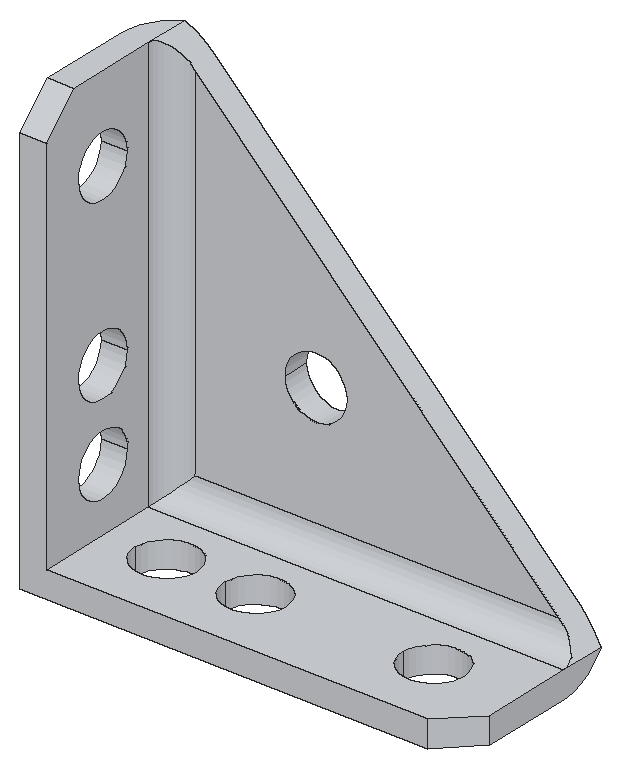
Revit family "Fitting-Ninety_Degree_Angle-Unistrut-P2484", category Specialty Equipment, Revit 2012
Parameters
  ecoScorecard_data = "http://products.ecoscorecard.com/atkore/P2484"
  ecoScorecard Product Page = "http://products.ecoscorecard.com/atkore/P2484?action=html"
  Weight Per Piece = 1.34 lbf
  Unit = none
  Unistrut Part Number = "P2484"  # constant formula
  URL = "http://unistrut.us/index.php"
  Thickness = 1/4"
  Subcategory = "Nintey Degree Angle Fittings"
  Product Page URL = "http://unistrut.us/index.php?WP=cat_detail&S=S05&P=P2484"
  Part Type = "Fitting"  # constant formula
  Overall Width = 1 5/8"
  Overall Length = 4"
  Overall Height = 4"
  Model = "P2484"
  Material = ""
  Manufacturer Phone - Toll Free = "800-882-5543"  # constant formula
  Manufacturer Phone = "708-339-1610"  # constant formula
  Manufacturer Fax = "708-339-7814"  # constant formula
  Manufacturer Email = "mailto:jshaw@atkore.com"
  Manufacturer Address = "16100 South Lathrop Avenue, Harvey, IL 60426"  # constant formula
  Manufacturer = "Unistrut by Atkore International"  # constant formula
  Load Capacity Note = "Visit the product page for load application and capacity."  # constant formula
  Literature URL = "http://unistrut.us/index.php?WP=LItLibrary"
  Hole Radius = Hole Diameter / 2  # 9/32"
  Hole Diameter = 9/16"
  Default Elevation = 0"
  Cost Info = "mailto:jshaw@atkore.com"
  Category = "Specialty Equipment"  # constant formula
  CAD URL = "http://unistrut.us/index.php?WP=CAD3d"
  Assembly Code = "D5020100"
  95 CSI = "16070"  # constant formula
  04 CSI = "26 05 48"  # constant formula
Reference planes (in)
  plane 1 "Center (Front/Back)": y = 0
  plane 2: z = 0
  plane 3 "Center (Left/Right)": x = 0
  plane 4: x = -0.39184
  plane 5: x = -1.20043
  plane 6: x = 1.21865
  plane 7: z = 3.22821
  plane 8: z = 1.61327
  plane 9: z = 0.80752
  plane 10: x = -0.43886
  plane 11: z = 1.56891
Dimensions and locks (in)
  "Overall Height": nested 1 to plane 2
  "Overall Length": nested 1 to nested 1
  "Overall Width": nested 1 to nested 1
  aligned and locked: level to plane 2
Nested families (in)
  nested 1: "Fitting" at (0, 0.99689, 0) x (-1, 0, 0) z (0, 0, 1), type "Fitting"
Definition of nested family "Fitting"
  Parameters (values of type "Fitting")
    ecoScorecard_data = "http://products.ecoscorecard.com/atkore/P2094"
    ecoScorecard Product Page = "http://products.ecoscorecard.com/atkore/P2094?action=html"
    Unit = none
    URL = "http://unistrut.us/index.php"
    Thickness = 1/4"
    Overall Width = 1 5/8"
    Overall Length = 4"
    Overall Height = 4"
    Model = "P2270"
    Material = ""
    Manufacturer = "Atkore International"  # constant formula
    Load Capacity Note = "Visit the product page for load application and capacity."  # constant formula
    Literature URL = "http://unistrut.us/index.php?WP=LItLibrary"
    Hole Radius = Hole Diameter / 2  # 9/32"
    Hole Diameter = 9/16"
    Default Elevation = 48"
    CAD URL = "http://unistrut.us/index.php?WP=CAD3d"
    Assembly Code = "D5020100"
    Angle = 85.50°
  Reference planes (in)
    plane 1 "Center (Front/Back)": y = 0
    plane 2: z = 0
    plane 3 "Center (Left/Right)": x = 0
  Forms (in)
    Sweep 1, solid, material <- "Unit"
      path origin (0, 0, 0) x (1, 0, 0) y (0, 0, 1)
        loop
          line (-1.99213, 0) -> (2.00787, 0) -> (2.00787, 4)
      profile origin (2.00787, 0, 2) x (-1, 0, 0) y (0, -1, 0)
        loop
          arc (0.23622, -0.47244) -> (0.30541, -0.30541) -> (0.47244, -0.23622) r 0.23622
          line (0.47244, -0.23622) -> (0.47244, 0)
          arc (0.47244, 0) -> (0.13837, -0.13837) -> (0, -0.47244) r 0.47244
          line (0, -0.47244) -> (0, -1.625) -> (0.23622, -1.625) -> (0.23622, -0.47244)
    Extrusion 2, void
      sketch origin (0, 0, 0) x (1, 0, 0) y (0, 0, 1)
        loop
          line (-2.07037, 0.15797) -> (1.81865, 4.047) -> (-2.07037, 4.047) -> (-2.07037, 0.15797)
      from -3.69992 to 1.36887
    Extrusion 3, void
      sketch origin (0, 0, 0) x (1, 0, 0) y (0, 1, 0)
        loop
          line (-2.00787, 1.29921) -> (-1.45669, 1.85039) -> (-2.00787, 1.85039) -> (-2.00787, 1.29921)
      from 0 to 0.23622
    Extrusion 4, void
      sketch origin (0, 0, 0) x (1, 0, 0) y (0, 1, 0)
        loop
          circle (-1.21865, 0.98172) r 0.28125
        loop
          circle (0.39184, 0.98172) r 0.28125
        loop
          circle (1.20043, 0.98172) r 0.28125
      from -0.21768 to 0.47244
    Extrusion 5, void
      sketch origin (0, 0, 0) x (0, 1, 0) y (0, 0, 1)
        loop
          line (1.29921, 4.01575) -> (1.85039, 3.46457) -> (1.85039, 4.01575) -> (1.29921, 4.01575)
        loop
          circle (0.98859, 3.22821) r 0.28125
        loop
          circle (0.98859, 1.61327) r 0.28125
        loop
          circle (0.98468, 0.80752) r 0.28125
      from 1.60464 to 2.27318
    Extrusion 6, solid, material <- "Unit"
      sketch origin (0, 0, 0) x (1, 0, 0) y (0, 0, 1)
        loop
          line (1.53543, 0.47244) -> (1.53543, 3.76378) -> (-1.75591, 0.47244) -> (1.53543, 0.47244)
        loop
          circle (0.43886, 1.56891) r 0.28125
      from -0.23622 to 0
  Cuts and joins
    Extrusion 2, Extrusion 3, Extrusion 4, Extrusion 5 cuts Sweep 1
    joined: Sweep 1, Extrusion 6
  Dimensions and locks (in)
    plane 2 to Sweep 1 sketch curve = 4"
    Sweep 1 sketch curve to Sweep 1 sketch curve = 4"
    plane 1 "Center (Front/Back)" to cut or joined group of Sweep 1, Extrusion 2, Extrusion 3, Extrusion 4, Extrusion 5, Extrusion 6 = 1 5/8"
    plane 1 "Center (Front/Back)" to Sweep 1 sketch curve = 1 5/8"
    "Hole Radius": radius of Extrusion 4 sketch curve  (x3)
    "Hole Radius": radius of Extrusion 5 sketch curve  (x3)
    "Hole Radius": radius of Extrusion 6 sketch curve
    aligned and locked: level to plane 2
    aligned and locked: Extrusion 6 sketch curve to cut or joined group of Sweep 1, Extrusion 2, Extrusion 3, Extrusion 4, Extrusion 5, Extrusion 6
  Automatic sketch dimensions
    Sweep 1 sketch curve to level = 0"
    Sweep 1 sketch curve to plane 3 "Center (Left/Right)" = 1.99213"
    Sweep 1 sketch curve to Sweep 1 sketch curve = 0"
    Sweep 1 sketch curve to profile plane = 0"
    plane 1 "Center (Front/Back)" to Sweep 1 sketch curve = 0"
    Sweep 1 sketch curve to profile plane = 0.23622"
    Sweep 1 sketch curve to Sweep 1 sketch curve = 0.23622"
    Extrusion 2 sketch curve to plane 3 "Center (Left/Right)" = 2.07037"
    plane 3 "Center (Left/Right)" to Extrusion 2 sketch curve = 1.81865"
    level to Extrusion 2 sketch curve = 0.15797"
    Extrusion 3 sketch curve to plane 3 "Center (Left/Right)" = 2.00787"
    Extrusion 3 sketch curve to Extrusion 3 sketch curve = 0.55118"  (x2)
    Extrusion 3 sketch curve to plane 1 "Center (Front/Back)" = 1.29921"
    Extrusion 4 sketch curve to plane 3 "Center (Left/Right)" = 1.21865"
    plane 3 "Center (Left/Right)" to Extrusion 4 sketch curve = 0.39184"
    Extrusion 4 sketch curve to Extrusion 4 sketch curve = 207/256"
    Extrusion 4 sketch curve to plane 1 "Center (Front/Back)" = 0.98172"  (x2)
    Extrusion 4 sketch curve to Extrusion 4 sketch curve = 0"
    Extrusion 5 sketch curve to plane 1 "Center (Front/Back)" = 0.98859"  (x2)
    Extrusion 5 sketch curve to Extrusion 5 sketch curve = 0.31062"
    Extrusion 5 sketch curve to Extrusion 5 sketch curve = 0.55118"  (x2)
    Extrusion 5 sketch curve to Extrusion 5 sketch curve = 0.80575"
    Extrusion 5 sketch curve to Extrusion 5 sketch curve = 1.61495"
    Extrusion 5 sketch curve to Extrusion 5 sketch curve = 0.23635"
    level to Extrusion 6 sketch curve = 0.47244"
    plane 3 "Center (Left/Right)" to Extrusion 6 sketch curve = 0.43886"
    plane 3 "Center (Left/Right)" to Extrusion 6 sketch curve = 1.53543"
    level to Extrusion 6 sketch curve = 1.56891"
    Extrusion 5 sketch curve to Extrusion 5 sketch curve = 1/256"
    level to Extrusion 5 sketch curve = 0.80752"
    Extrusion 2 sketch curve to Extrusion 2 sketch curve = 3.88903"
